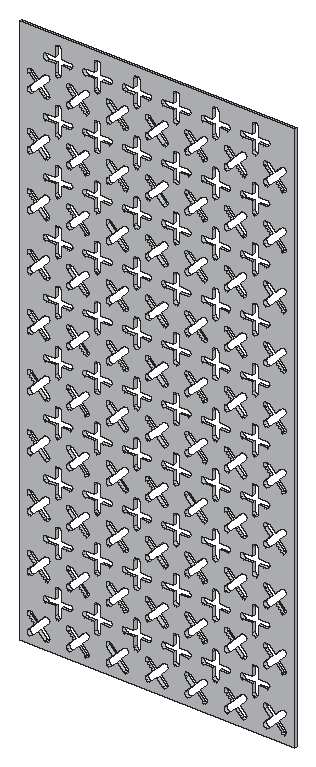
Revit family "J2 PET Felt Room Divider Jacks", category Specialty Equipment, Revit 2022 (continued)
Forms (in)
  Extrusion 1, solid, material <- "Felt Color"
    sketch origin (0, 0, 0) x (1, 0, 0) y (0, 0, 1)
      loop
        arc (-17.4364, 61.41219) -> (-16.8889, 60.8647) -> (-16.3414, 61.41219) r 0.5475
        line (-16.3414, 61.41219) -> (-16.3414, 62.85761) -> (-14.89599, 62.85761)
        arc (-14.89599, 62.85761) -> (-14.34849, 63.40511) -> (-14.89599, 63.9526) r 0.5475
        line (-14.89599, 63.9526) -> (-16.3414, 63.9526) -> (-16.3414, 65.39802)
        arc (-16.3414, 65.39802) -> (-16.8889, 65.94552) -> (-17.4364, 65.39802) r 0.5475
        line (-17.4364, 65.39802) -> (-17.4364, 63.9526) -> (-18.88181, 63.9526)
      loop
        arc (-22.04581, 57.73542) -> (-22.04581, 56.96114) -> (-21.27153, 56.96114) r 0.5475
        line (-21.27153, 56.96114) -> (-20.24947, 57.9832) -> (-19.22741, 56.96114)
        arc (-19.22741, 56.96114) -> (-18.45312, 56.96114) -> (-18.45312, 57.73542) r 0.5475
        line (-18.45312, 57.73542) -> (-19.47519, 58.75748) -> (-18.45312, 59.77954)
        arc (-18.45312, 59.77954) -> (-18.45312, 60.55382) -> (-19.22741, 60.55382) r 0.5475
        line (-19.22741, 60.55382) -> (-20.24947, 59.53176) -> (-21.27153, 60.55382)
        arc (-21.27153, 60.55382) -> (-22.04581, 60.55382) -> (-22.04581, 59.77954) r 0.5475
        line (-22.04581, 59.77954) -> (-21.02375, 58.75748) -> (-22.04581, 57.73542)
      loop
        arc (-12.13181, 63.9526) -> (-12.67931, 63.40511) -> (-12.13181, 62.85761) r 0.5475
        line (-12.13181, 62.85761) -> (-10.6864, 62.85761) -> (-10.6864, 61.41219)
        arc (-10.6864, 61.41219) -> (-10.1389, 60.8647) -> (-9.5914, 61.41219) r 0.5475
        line (-9.5914, 61.41219) -> (-9.5914, 62.85761) -> (-8.14599, 62.85761)
        arc (-8.14599, 62.85761) -> (-7.59849, 63.40511) -> (-8.14599, 63.9526) r 0.5475
        line (-8.14599, 63.9526) -> (-9.5914, 63.9526) -> (-9.5914, 65.39802)
        arc (-9.5914, 65.39802) -> (-10.1389, 65.94552) -> (-10.6864, 65.39802) r 0.5475
        line (-10.6864, 65.39802) -> (-10.6864, 63.9526) -> (-12.13181, 63.9526)
      loop
        arc (-15.29581, 57.73542) -> (-15.29581, 56.96114) -> (-14.52153, 56.96114) r 0.5475
        line (-14.52153, 56.96114) -> (-13.49947, 57.9832) -> (-12.47741, 56.96114)
        arc (-12.47741, 56.96114) -> (-11.70312, 56.96114) -> (-11.70312, 57.73542) r 0.5475
        line (-11.70312, 57.73542) -> (-12.72519, 58.75748) -> (-11.70312, 59.77954)
        arc (-11.70312, 59.77954) -> (-11.70312, 60.55382) -> (-12.47741, 60.55382) r 0.5475
        line (-12.47741, 60.55382) -> (-13.49947, 59.53176) -> (-14.52153, 60.55382)
        arc (-14.52153, 60.55382) -> (-15.29581, 60.55382) -> (-15.29581, 59.77954) r 0.5475
        line (-15.29581, 59.77954) -> (-14.27375, 58.75748) -> (-15.29581, 57.73542)
      loop
        arc (-5.38181, 63.9526) -> (-5.92931, 63.40511) -> (-5.38181, 62.85761) r 0.5475
        line (-5.38181, 62.85761) -> (-3.9364, 62.85761) -> (-3.9364, 61.41219)
        arc (-3.9364, 61.41219) -> (-3.3889, 60.8647) -> (-2.8414, 61.41219) r 0.5475
        line (-2.8414, 61.41219) -> (-2.8414, 62.85761) -> (-1.39599, 62.85761)
        arc (-1.39599, 62.85761) -> (-0.84849, 63.40511) -> (-1.39599, 63.9526) r 0.5475
        line (-1.39599, 63.9526) -> (-2.8414, 63.9526) -> (-2.8414, 65.39802)
        arc (-2.8414, 65.39802) -> (-3.3889, 65.94552) -> (-3.9364, 65.39802) r 0.5475
        line (-3.9364, 65.39802) -> (-3.9364, 63.9526) -> (-5.38181, 63.9526)
      loop
        arc (-8.54581, 57.73542) -> (-8.54581, 56.96114) -> (-7.77153, 56.96114) r 0.5475
        line (-7.77153, 56.96114) -> (-6.74947, 57.9832) -> (-5.72741, 56.96114)
        arc (-5.72741, 56.96114) -> (-4.95312, 56.96114) -> (-4.95312, 57.73542) r 0.5475
        line (-4.95312, 57.73542) -> (-5.97519, 58.75748) -> (-4.95312, 59.77954)
        arc (-4.95312, 59.77954) -> (-4.95312, 60.55382) -> (-5.72741, 60.55382) r 0.5475
        line (-5.72741, 60.55382) -> (-6.74947, 59.53176) -> (-7.77153, 60.55382)
        arc (-7.77153, 60.55382) -> (-8.54581, 60.55382) -> (-8.54581, 59.77954) r 0.5475
        line (-8.54581, 59.77954) -> (-7.52375, 58.75748) -> (-8.54581, 57.73542)
      loop
        arc (1.36819, 63.9526) -> (0.82069, 63.40511) -> (1.36819, 62.85761) r 0.5475
        line (1.36819, 62.85761) -> (2.8136, 62.85761) -> (2.8136, 61.41219)
        arc (2.8136, 61.41219) -> (3.3611, 60.8647) -> (3.9086, 61.41219) r 0.5475
        line (3.9086, 61.41219) -> (3.9086, 62.85761) -> (5.35401, 62.85761)
        arc (5.35401, 62.85761) -> (5.90151, 63.40511) -> (5.35401, 63.9526) r 0.5475
        line (5.35401, 63.9526) -> (3.9086, 63.9526) -> (3.9086, 65.39802)
        arc (3.9086, 65.39802) -> (3.3611, 65.94552) -> (2.8136, 65.39802) r 0.5475
        line (2.8136, 65.39802) -> (2.8136, 63.9526) -> (1.36819, 63.9526)
      loop
        arc (-1.79581, 57.73542) -> (-1.79581, 56.96114) -> (-1.02153, 56.96114) r 0.5475
        line (-1.02153, 56.96114) -> (0.00053, 57.9832) -> (1.02259, 56.96114)
        arc (1.02259, 56.96114) -> (1.79688, 56.96114) -> (1.79688, 57.73542) r 0.5475
        line (1.79688, 57.73542) -> (0.77481, 58.75748) -> (1.79688, 59.77954)
        arc (1.79688, 59.77954) -> (1.79688, 60.55382) -> (1.02259, 60.55382) r 0.5475
        line (1.02259, 60.55382) -> (0.00053, 59.53176) -> (-1.02153, 60.55382)
        arc (-1.02153, 60.55382) -> (-1.79581, 60.55382) -> (-1.79581, 59.77954) r 0.5475
        line (-1.79581, 59.77954) -> (-0.77375, 58.75748) -> (-1.79581, 57.73542)
      loop
        arc (8.11819, 63.9526) -> (7.57069, 63.40511) -> (8.11819, 62.85761) r 0.5475
        line (8.11819, 62.85761) -> (9.5636, 62.85761) -> (9.5636, 61.41219)
        arc (9.5636, 61.41219) -> (10.1111, 60.8647) -> (10.6586, 61.41219) r 0.5475
        line (10.6586, 61.41219) -> (10.6586, 62.85761) -> (12.10401, 62.85761)
        arc (12.10401, 62.85761) -> (12.65151, 63.40511) -> (12.10401, 63.9526) r 0.5475
        line (12.10401, 63.9526) -> (10.6586, 63.9526) -> (10.6586, 65.39802)
        arc (10.6586, 65.39802) -> (10.1111, 65.94552) -> (9.5636, 65.39802) r 0.5475
        line (9.5636, 65.39802) -> (9.5636, 63.9526) -> (8.11819, 63.9526)
      loop
        arc (4.95419, 57.73542) -> (4.95419, 56.96114) -> (5.72847, 56.96114) r 0.5475
        line (5.72847, 56.96114) -> (6.75053, 57.9832) -> (7.77259, 56.96114)
        arc (7.77259, 56.96114) -> (8.54688, 56.96114) -> (8.54688, 57.73542) r 0.5475
        line (8.54688, 57.73542) -> (7.52481, 58.75748) -> (8.54688, 59.77954)
        arc (8.54688, 59.77954) -> (8.54688, 60.55382) -> (7.77259, 60.55382) r 0.5475
        line (7.77259, 60.55382) -> (6.75053, 59.53176) -> (5.72847, 60.55382)
        arc (5.72847, 60.55382) -> (4.95419, 60.55382) -> (4.95419, 59.77954) r 0.5475
        line (4.95419, 59.77954) -> (5.97625, 58.75748) -> (4.95419, 57.73542)
      loop
        arc (14.86819, 63.9526) -> (14.32069, 63.40511) -> (14.86819, 62.85761) r 0.5475
        line (14.86819, 62.85761) -> (16.3136, 62.85761) -> (16.3136, 61.41219)
        arc (16.3136, 61.41219) -> (16.8611, 60.8647) -> (17.4086, 61.41219) r 0.5475
        line (17.4086, 61.41219) -> (17.4086, 62.85761) -> (18.85401, 62.85761)
        arc (18.85401, 62.85761) -> (19.40151, 63.40511) -> (18.85401, 63.9526) r 0.5475
        line (18.85401, 63.9526) -> (17.4086, 63.9526) -> (17.4086, 65.39802)
        arc (17.4086, 65.39802) -> (16.8611, 65.94552) -> (16.3136, 65.39802) r 0.5475
        line (16.3136, 65.39802) -> (16.3136, 63.9526) -> (14.86819, 63.9526)
      loop
        arc (11.70419, 57.73542) -> (11.70419, 56.96114) -> (12.47847, 56.96114) r 0.5475
        line (12.47847, 56.96114) -> (13.50053, 57.9832) -> (14.52259, 56.96114)
        arc (14.52259, 56.96114) -> (15.29688, 56.96114) -> (15.29688, 57.73542) r 0.5475
        line (15.29688, 57.73542) -> (14.27481, 58.75748) -> (15.29688, 59.77954)
        arc (15.29688, 59.77954) -> (15.29688, 60.55382) -> (14.52259, 60.55382) r 0.5475
        line (14.52259, 60.55382) -> (13.50053, 59.53176) -> (12.47847, 60.55382)
        arc (12.47847, 60.55382) -> (11.70419, 60.55382) -> (11.70419, 59.77954) r 0.5475
        line (11.70419, 59.77954) -> (12.72625, 58.75748) -> (11.70419, 57.73542)
      loop
        arc (18.45419, 57.73542) -> (18.45419, 56.96114) -> (19.22847, 56.96114) r 0.5475
        line (19.22847, 56.96114) -> (20.25053, 57.9832) -> (21.27259, 56.96114)
        arc (21.27259, 56.96114) -> (22.04688, 56.96114) -> (22.04688, 57.73542) r 0.5475
        line (22.04688, 57.73542) -> (21.02481, 58.75748) -> (22.04688, 59.77954)
        arc (22.04688, 59.77954) -> (22.04688, 60.55382) -> (21.27259, 60.55382) r 0.5475
        line (21.27259, 60.55382) -> (20.25053, 59.53176) -> (19.22847, 60.55382)
        arc (19.22847, 60.55382) -> (18.45419, 60.55382) -> (18.45419, 59.77954) r 0.5475
        line (18.45419, 59.77954) -> (19.47625, 58.75748) -> (18.45419, 57.73542)
      loop
        arc (-18.88181, 73.2026) -> (-19.42931, 72.65511) -> (-18.88181, 72.10761) r 0.5475
        line (-18.88181, 72.10761) -> (-17.4364, 72.10761) -> (-17.4364, 70.66219)
        arc (-17.4364, 70.66219) -> (-16.8889, 70.1147) -> (-16.3414, 70.66219) r 0.5475
        line (-16.3414, 70.66219) -> (-16.3414, 72.10761) -> (-14.89599, 72.10761)
        arc (-14.89599, 72.10761) -> (-14.34849, 72.65511) -> (-14.89599, 73.2026) r 0.5475
        line (-14.89599, 73.2026) -> (-16.3414, 73.2026) -> (-16.3414, 74.64802)
        arc (-16.3414, 74.64802) -> (-16.8889, 75.19552) -> (-17.4364, 74.64802) r 0.5475
        line (-17.4364, 74.64802) -> (-17.4364, 73.2026) -> (-18.88181, 73.2026)
      loop
        arc (-22.04581, 66.98542) -> (-22.04581, 66.21114) -> (-21.27153, 66.21114) r 0.5475
        line (-21.27153, 66.21114) -> (-20.24947, 67.2332) -> (-19.22741, 66.21114)
        arc (-19.22741, 66.21114) -> (-18.45312, 66.21114) -> (-18.45312, 66.98542) r 0.5475
        line (-18.45312, 66.98542) -> (-19.47519, 68.00748) -> (-18.45312, 69.02954)
        arc (-18.45312, 69.02954) -> (-18.45312, 69.80382) -> (-19.22741, 69.80382) r 0.5475
        line (-19.22741, 69.80382) -> (-20.24947, 68.78176) -> (-21.27153, 69.80382)
        arc (-21.27153, 69.80382) -> (-22.04581, 69.80382) -> (-22.04581, 69.02954) r 0.5475
        line (-22.04581, 69.02954) -> (-21.02375, 68.00748) -> (-22.04581, 66.98542)
      loop
        arc (-12.13181, 73.2026) -> (-12.67931, 72.65511) -> (-12.13181, 72.10761) r 0.5475
        line (-12.13181, 72.10761) -> (-10.6864, 72.10761) -> (-10.6864, 70.66219)
        arc (-10.6864, 70.66219) -> (-10.1389, 70.1147) -> (-9.5914, 70.66219) r 0.5475
        line (-9.5914, 70.66219) -> (-9.5914, 72.10761) -> (-8.14599, 72.10761)
        arc (-8.14599, 72.10761) -> (-7.59849, 72.65511) -> (-8.14599, 73.2026) r 0.5475
        line (-8.14599, 73.2026) -> (-9.5914, 73.2026) -> (-9.5914, 74.64802)
        arc (-9.5914, 74.64802) -> (-10.1389, 75.19552) -> (-10.6864, 74.64802) r 0.5475
        line (-10.6864, 74.64802) -> (-10.6864, 73.2026) -> (-12.13181, 73.2026)
      loop
        arc (-15.29581, 66.98542) -> (-15.29581, 66.21114) -> (-14.52153, 66.21114) r 0.5475
        line (-14.52153, 66.21114) -> (-13.49947, 67.2332) -> (-12.47741, 66.21114)
        arc (-12.47741, 66.21114) -> (-11.70312, 66.21114) -> (-11.70312, 66.98542) r 0.5475
        line (-11.70312, 66.98542) -> (-12.72519, 68.00748) -> (-11.70312, 69.02954)
        arc (-11.70312, 69.02954) -> (-11.70312, 69.80382) -> (-12.47741, 69.80382) r 0.5475
        line (-12.47741, 69.80382) -> (-13.49947, 68.78176) -> (-14.52153, 69.80382)
        arc (-14.52153, 69.80382) -> (-15.29581, 69.80382) -> (-15.29581, 69.02954) r 0.5475
        line (-15.29581, 69.02954) -> (-14.27375, 68.00748) -> (-15.29581, 66.98542)
      loop
        arc (-5.38181, 73.2026) -> (-5.92931, 72.65511) -> (-5.38181, 72.10761) r 0.5475
        line (-5.38181, 72.10761) -> (-3.9364, 72.10761) -> (-3.9364, 70.66219)
        arc (-3.9364, 70.66219) -> (-3.3889, 70.1147) -> (-2.8414, 70.66219) r 0.5475
        line (-2.8414, 70.66219) -> (-2.8414, 72.10761) -> (-1.39599, 72.10761)
        arc (-1.39599, 72.10761) -> (-0.84849, 72.65511) -> (-1.39599, 73.2026) r 0.5475
        line (-1.39599, 73.2026) -> (-2.8414, 73.2026) -> (-2.8414, 74.64802)
        arc (-2.8414, 74.64802) -> (-3.3889, 75.19552) -> (-3.9364, 74.64802) r 0.5475
        line (-3.9364, 74.64802) -> (-3.9364, 73.2026) -> (-5.38181, 73.2026)
      loop
        arc (-8.54581, 66.98542) -> (-8.54581, 66.21114) -> (-7.77153, 66.21114) r 0.5475
        line (-7.77153, 66.21114) -> (-6.74947, 67.2332) -> (-5.72741, 66.21114)
        arc (-5.72741, 66.21114) -> (-4.95312, 66.21114) -> (-4.95312, 66.98542) r 0.5475
        line (-4.95312, 66.98542) -> (-5.97519, 68.00748) -> (-4.95312, 69.02954)
        arc (-4.95312, 69.02954) -> (-4.95312, 69.80382) -> (-5.72741, 69.80382) r 0.5475
        line (-5.72741, 69.80382) -> (-6.74947, 68.78176) -> (-7.77153, 69.80382)
        arc (-7.77153, 69.80382) -> (-8.54581, 69.80382) -> (-8.54581, 69.02954) r 0.5475
        line (-8.54581, 69.02954) -> (-7.52375, 68.00748) -> (-8.54581, 66.98542)
      loop
        arc (1.36819, 73.2026) -> (0.82069, 72.65511) -> (1.36819, 72.10761) r 0.5475
        line (1.36819, 72.10761) -> (2.8136, 72.10761) -> (2.8136, 70.66219)
        arc (2.8136, 70.66219) -> (3.3611, 70.1147) -> (3.9086, 70.66219) r 0.5475
        line (3.9086, 70.66219) -> (3.9086, 72.10761) -> (5.35401, 72.10761)
        arc (5.35401, 72.10761) -> (5.90151, 72.65511) -> (5.35401, 73.2026) r 0.5475
        line (5.35401, 73.2026) -> (3.9086, 73.2026) -> (3.9086, 74.64802)
        arc (3.9086, 74.64802) -> (3.3611, 75.19552) -> (2.8136, 74.64802) r 0.5475
        line (2.8136, 74.64802) -> (2.8136, 73.2026) -> (1.36819, 73.2026)
      loop
        arc (-1.79581, 66.98542) -> (-1.79581, 66.21114) -> (-1.02153, 66.21114) r 0.5475
        line (-1.02153, 66.21114) -> (0.00053, 67.2332) -> (1.02259, 66.21114)
        arc (1.02259, 66.21114) -> (1.79688, 66.21114) -> (1.79688, 66.98542) r 0.5475
        line (1.79688, 66.98542) -> (0.77481, 68.00748) -> (1.79688, 69.02954)
        arc (1.79688, 69.02954) -> (1.79688, 69.80382) -> (1.02259, 69.80382) r 0.5475
        line (1.02259, 69.80382) -> (0.00053, 68.78176) -> (-1.02153, 69.80382)
        arc (-1.02153, 69.80382) -> (-1.79581, 69.80382) -> (-1.79581, 69.02954) r 0.5475
        line (-1.79581, 69.02954) -> (-0.77375, 68.00748) -> (-1.79581, 66.98542)
      loop
        arc (8.11819, 73.2026) -> (7.57069, 72.65511) -> (8.11819, 72.10761) r 0.5475
        line (8.11819, 72.10761) -> (9.5636, 72.10761) -> (9.5636, 70.66219)
        arc (9.5636, 70.66219) -> (10.1111, 70.1147) -> (10.6586, 70.66219) r 0.5475
        line (10.6586, 70.66219) -> (10.6586, 72.10761) -> (12.10401, 72.10761)
        arc (12.10401, 72.10761) -> (12.65151, 72.65511) -> (12.10401, 73.2026) r 0.5475
        line (12.10401, 73.2026) -> (10.6586, 73.2026) -> (10.6586, 74.64802)
        arc (10.6586, 74.64802) -> (10.1111, 75.19552) -> (9.5636, 74.64802) r 0.5475
        line (9.5636, 74.64802) -> (9.5636, 73.2026) -> (8.11819, 73.2026)
      loop
        arc (4.95419, 66.98542) -> (4.95419, 66.21114) -> (5.72847, 66.21114) r 0.5475
        line (5.72847, 66.21114) -> (6.75053, 67.2332) -> (7.77259, 66.21114)
        arc (7.77259, 66.21114) -> (8.54688, 66.21114) -> (8.54688, 66.98542) r 0.5475
        line (8.54688, 66.98542) -> (7.52481, 68.00748) -> (8.54688, 69.02954)
        arc (8.54688, 69.02954) -> (8.54688, 69.80382) -> (7.77259, 69.80382) r 0.5475
        line (7.77259, 69.80382) -> (6.75053, 68.78176) -> (5.72847, 69.80382)
        arc (5.72847, 69.80382) -> (4.95419, 69.80382) -> (4.95419, 69.02954) r 0.5475
        line (4.95419, 69.02954) -> (5.97625, 68.00748) -> (4.95419, 66.98542)
      loop
        arc (14.86819, 73.2026) -> (14.32069, 72.65511) -> (14.86819, 72.10761) r 0.5475
        line (14.86819, 72.10761) -> (16.3136, 72.10761) -> (16.3136, 70.66219)
        arc (16.3136, 70.66219) -> (16.8611, 70.1147) -> (17.4086, 70.66219) r 0.5475
        line (17.4086, 70.66219) -> (17.4086, 72.10761) -> (18.85401, 72.10761)
        arc (18.85401, 72.10761) -> (19.40151, 72.65511) -> (18.85401, 73.2026) r 0.5475
        line (18.85401, 73.2026) -> (17.4086, 73.2026) -> (17.4086, 74.64802)
        arc (17.4086, 74.64802) -> (16.8611, 75.19552) -> (16.3136, 74.64802) r 0.5475
        line (16.3136, 74.64802) -> (16.3136, 73.2026) -> (14.86819, 73.2026)
      loop
        arc (11.70419, 66.98542) -> (11.70419, 66.21114) -> (12.47847, 66.21114) r 0.5475
        line (12.47847, 66.21114) -> (13.50053, 67.2332) -> (14.52259, 66.21114)
        arc (14.52259, 66.21114) -> (15.29688, 66.21114) -> (15.29688, 66.98542) r 0.5475
        line (15.29688, 66.98542) -> (14.27481, 68.00748) -> (15.29688, 69.02954)
        arc (15.29688, 69.02954) -> (15.29688, 69.80382) -> (14.52259, 69.80382) r 0.5475
        line (14.52259, 69.80382) -> (13.50053, 68.78176) -> (12.47847, 69.80382)
        arc (12.47847, 69.80382) -> (11.70419, 69.80382) -> (11.70419, 69.02954) r 0.5475
        line (11.70419, 69.02954) -> (12.72625, 68.00748) -> (11.70419, 66.98542)
      loop
        arc (18.45419, 66.98542) -> (18.45419, 66.21114) -> (19.22847, 66.21114) r 0.5475
        line (19.22847, 66.21114) -> (20.25053, 67.2332) -> (21.27259, 66.21114)
        arc (21.27259, 66.21114) -> (22.04688, 66.21114) -> (22.04688, 66.98542) r 0.5475
        line (22.04688, 66.98542) -> (21.02481, 68.00748) -> (22.04688, 69.02954)
        arc (22.04688, 69.02954) -> (22.04688, 69.80382) -> (21.27259, 69.80382) r 0.5475
        line (21.27259, 69.80382) -> (20.25053, 68.78176) -> (19.22847, 69.80382)
        arc (19.22847, 69.80382) -> (18.45419, 69.80382) -> (18.45419, 69.02954) r 0.5475
        line (18.45419, 69.02954) -> (19.47625, 68.00748) -> (18.45419, 66.98542)
      loop
        arc (-18.88181, 82.4526) -> (-19.42931, 81.90511) -> (-18.88181, 81.35761) r 0.5475
        line (-18.88181, 81.35761) -> (-17.4364, 81.35761) -> (-17.4364, 79.91219)
        arc (-17.4364, 79.91219) -> (-16.8889, 79.3647) -> (-16.3414, 79.91219) r 0.5475
        line (-16.3414, 79.91219) -> (-16.3414, 81.35761) -> (-14.89599, 81.35761)
        arc (-14.89599, 81.35761) -> (-14.34849, 81.90511) -> (-14.89599, 82.4526) r 0.5475
        line (-14.89599, 82.4526) -> (-16.3414, 82.4526) -> (-16.3414, 83.89802)
        arc (-16.3414, 83.89802) -> (-16.8889, 84.44552) -> (-17.4364, 83.89802) r 0.5475
        line (-17.4364, 83.89802) -> (-17.4364, 82.4526) -> (-18.88181, 82.4526)
      loop
        arc (-22.04581, 76.23542) -> (-22.04581, 75.46114) -> (-21.27153, 75.46114) r 0.5475
        line (-21.27153, 75.46114) -> (-20.24947, 76.4832) -> (-19.22741, 75.46114)
        arc (-19.22741, 75.46114) -> (-18.45312, 75.46114) -> (-18.45312, 76.23542) r 0.5475
        line (-18.45312, 76.23542) -> (-19.47519, 77.25748) -> (-18.45312, 78.27954)
        arc (-18.45312, 78.27954) -> (-18.45312, 79.05382) -> (-19.22741, 79.05382) r 0.5475
        line (-19.22741, 79.05382) -> (-20.24947, 78.03176) -> (-21.27153, 79.05382)
        arc (-21.27153, 79.05382) -> (-22.04581, 79.05382) -> (-22.04581, 78.27954) r 0.5475
        line (-22.04581, 78.27954) -> (-21.02375, 77.25748) -> (-22.04581, 76.23542)
      loop
        arc (-12.13181, 82.4526) -> (-12.67931, 81.90511) -> (-12.13181, 81.35761) r 0.5475
        line (-12.13181, 81.35761) -> (-10.6864, 81.35761) -> (-10.6864, 79.91219)
        arc (-10.6864, 79.91219) -> (-10.1389, 79.3647) -> (-9.5914, 79.91219) r 0.5475
        line (-9.5914, 79.91219) -> (-9.5914, 81.35761) -> (-8.14599, 81.35761)
        arc (-8.14599, 81.35761) -> (-7.59849, 81.90511) -> (-8.14599, 82.4526) r 0.5475
        line (-8.14599, 82.4526) -> (-9.5914, 82.4526) -> (-9.5914, 83.89802)
        arc (-9.5914, 83.89802) -> (-10.1389, 84.44552) -> (-10.6864, 83.89802) r 0.5475
        line (-10.6864, 83.89802) -> (-10.6864, 82.4526) -> (-12.13181, 82.4526)
      loop
        arc (-15.29581, 76.23542) -> (-15.29581, 75.46114) -> (-14.52153, 75.46114) r 0.5475
        line (-14.52153, 75.46114) -> (-13.49947, 76.4832) -> (-12.47741, 75.46114)
        arc (-12.47741, 75.46114) -> (-11.70312, 75.46114) -> (-11.70312, 76.23542) r 0.5475
        line (-11.70312, 76.23542) -> (-12.72519, 77.25748) -> (-11.70312, 78.27954)
        arc (-11.70312, 78.27954) -> (-11.70312, 79.05382) -> (-12.47741, 79.05382) r 0.5475
        line (-12.47741, 79.05382) -> (-13.49947, 78.03176) -> (-14.52153, 79.05382)
        arc (-14.52153, 79.05382) -> (-15.29581, 79.05382) -> (-15.29581, 78.27954) r 0.5475
        line (-15.29581, 78.27954) -> (-14.27375, 77.25748) -> (-15.29581, 76.23542)
      loop
        arc (-5.38181, 82.4526) -> (-5.92931, 81.90511) -> (-5.38181, 81.35761) r 0.5475
        line (-5.38181, 81.35761) -> (-3.9364, 81.35761) -> (-3.9364, 79.91219)
        arc (-3.9364, 79.91219) -> (-3.3889, 79.3647) -> (-2.8414, 79.91219) r 0.5475
        line (-2.8414, 79.91219) -> (-2.8414, 81.35761) -> (-1.39599, 81.35761)
        arc (-1.39599, 81.35761) -> (-0.84849, 81.90511) -> (-1.39599, 82.4526) r 0.5475
        line (-1.39599, 82.4526) -> (-2.8414, 82.4526) -> (-2.8414, 83.89802)
        arc (-2.8414, 83.89802) -> (-3.3889, 84.44552) -> (-3.9364, 83.89802) r 0.5475
        line (-3.9364, 83.89802) -> (-3.9364, 82.4526) -> (-5.38181, 82.4526)
      loop
        arc (-8.54581, 76.23542) -> (-8.54581, 75.46114) -> (-7.77153, 75.46114) r 0.5475
        line (-7.77153, 75.46114) -> (-6.74947, 76.4832) -> (-5.72741, 75.46114)
        arc (-5.72741, 75.46114) -> (-4.95312, 75.46114) -> (-4.95312, 76.23542) r 0.5475
        line (-4.95312, 76.23542) -> (-5.97519, 77.25748) -> (-4.95312, 78.27954)
        arc (-4.95312, 78.27954) -> (-4.95312, 79.05382) -> (-5.72741, 79.05382) r 0.5475
        line (-5.72741, 79.05382) -> (-6.74947, 78.03176) -> (-7.77153, 79.05382)
        arc (-7.77153, 79.05382) -> (-8.54581, 79.05382) -> (-8.54581, 78.27954) r 0.5475
        line (-8.54581, 78.27954) -> (-7.52375, 77.25748) -> (-8.54581, 76.23542)
      loop
        arc (1.36819, 82.4526) -> (0.82069, 81.90511) -> (1.36819, 81.35761) r 0.5475
        line (1.36819, 81.35761) -> (2.8136, 81.35761) -> (2.8136, 79.91219)
        arc (2.8136, 79.91219) -> (3.3611, 79.3647) -> (3.9086, 79.91219) r 0.5475
        line (3.9086, 79.91219) -> (3.9086, 81.35761) -> (5.35401, 81.35761)
        arc (5.35401, 81.35761) -> (5.90151, 81.90511) -> (5.35401, 82.4526) r 0.5475
        line (5.35401, 82.4526) -> (3.9086, 82.4526) -> (3.9086, 83.89802)
        arc (3.9086, 83.89802) -> (3.3611, 84.44552) -> (2.8136, 83.89802) r 0.5475
        line (2.8136, 83.89802) -> (2.8136, 82.4526) -> (1.36819, 82.4526)
      loop
        arc (-1.79581, 76.23542) -> (-1.79581, 75.46114) -> (-1.02153, 75.46114) r 0.5475
        line (-1.02153, 75.46114) -> (0.00053, 76.4832) -> (1.02259, 75.46114)
        arc (1.02259, 75.46114) -> (1.79688, 75.46114) -> (1.79688, 76.23542) r 0.5475
        line (1.79688, 76.23542) -> (0.77481, 77.25748) -> (1.79688, 78.27954)
        arc (1.79688, 78.27954) -> (1.79688, 79.05382) -> (1.02259, 79.05382) r 0.5475
        line (1.02259, 79.05382) -> (0.00053, 78.03176) -> (-1.02153, 79.05382)
        arc (-1.02153, 79.05382) -> (-1.79581, 79.05382) -> (-1.79581, 78.27954) r 0.5475
        line (-1.79581, 78.27954) -> (-0.77375, 77.25748) -> (-1.79581, 76.23542)
      loop
        arc (8.11819, 82.4526) -> (7.57069, 81.90511) -> (8.11819, 81.35761) r 0.5475
        line (8.11819, 81.35761) -> (9.5636, 81.35761) -> (9.5636, 79.91219)
        arc (9.5636, 79.91219) -> (10.1111, 79.3647) -> (10.6586, 79.91219) r 0.5475
        line (10.6586, 79.91219) -> (10.6586, 81.35761) -> (12.10401, 81.35761)
        arc (12.10401, 81.35761) -> (12.65151, 81.90511) -> (12.10401, 82.4526) r 0.5475
        line (12.10401, 82.4526) -> (10.6586, 82.4526) -> (10.6586, 83.89802)
        arc (10.6586, 83.89802) -> (10.1111, 84.44552) -> (9.5636, 83.89802) r 0.5475
        line (9.5636, 83.89802) -> (9.5636, 82.4526) -> (8.11819, 82.4526)
      loop
        arc (4.95419, 76.23542) -> (4.95419, 75.46114) -> (5.72847, 75.46114) r 0.5475
        line (5.72847, 75.46114) -> (6.75053, 76.4832) -> (7.77259, 75.46114)
        arc (7.77259, 75.46114) -> (8.54688, 75.46114) -> (8.54688, 76.23542) r 0.5475
        line (8.54688, 76.23542) -> (7.52481, 77.25748) -> (8.54688, 78.27954)
        arc (8.54688, 78.27954) -> (8.54688, 79.05382) -> (7.77259, 79.05382) r 0.5475
        line (7.77259, 79.05382) -> (6.75053, 78.03176) -> (5.72847, 79.05382)
        arc (5.72847, 79.05382) -> (4.95419, 79.05382) -> (4.95419, 78.27954) r 0.5475
        line (4.95419, 78.27954) -> (5.97625, 77.25748) -> (4.95419, 76.23542)
      loop
        arc (14.86819, 82.4526) -> (14.32069, 81.90511) -> (14.86819, 81.35761) r 0.5475
        line (14.86819, 81.35761) -> (16.3136, 81.35761) -> (16.3136, 79.91219)
        arc (16.3136, 79.91219) -> (16.8611, 79.3647) -> (17.4086, 79.91219) r 0.5475
        line (17.4086, 79.91219) -> (17.4086, 81.35761) -> (18.85401, 81.35761)
        arc (18.85401, 81.35761) -> (19.40151, 81.90511) -> (18.85401, 82.4526) r 0.5475
        line (18.85401, 82.4526) -> (17.4086, 82.4526) -> (17.4086, 83.89802)
        arc (17.4086, 83.89802) -> (16.8611, 84.44552) -> (16.3136, 83.89802) r 0.5475
        line (16.3136, 83.89802) -> (16.3136, 82.4526) -> (14.86819, 82.4526)
      loop
        arc (11.70419, 76.23542) -> (11.70419, 75.46114) -> (12.47847, 75.46114) r 0.5475
        line (12.47847, 75.46114) -> (13.50053, 76.4832) -> (14.52259, 75.46114)
        arc (14.52259, 75.46114) -> (15.29688, 75.46114) -> (15.29688, 76.23542) r 0.5475
        line (15.29688, 76.23542) -> (14.27481, 77.25748) -> (15.29688, 78.27954)
        arc (15.29688, 78.27954) -> (15.29688, 79.05382) -> (14.52259, 79.05382) r 0.5475
        line (14.52259, 79.05382) -> (13.50053, 78.03176) -> (12.47847, 79.05382)
        arc (12.47847, 79.05382) -> (11.70419, 79.05382) -> (11.70419, 78.27954) r 0.5475
        line (11.70419, 78.27954) -> (12.72625, 77.25748) -> (11.70419, 76.23542)
      loop
        arc (18.45419, 76.23542) -> (18.45419, 75.46114) -> (19.22847, 75.46114) r 0.5475
        line (19.22847, 75.46114) -> (20.25053, 76.4832) -> (21.27259, 75.46114)
        arc (21.27259, 75.46114) -> (22.04688, 75.46114) -> (22.04688, 76.23542) r 0.5475
        line (22.04688, 76.23542) -> (21.02481, 77.25748) -> (22.04688, 78.27954)
        arc (22.04688, 78.27954) -> (22.04688, 79.05382) -> (21.27259, 79.05382) r 0.5475
        line (21.27259, 79.05382) -> (20.25053, 78.03176) -> (19.22847, 79.05382)
        arc (19.22847, 79.05382) -> (18.45419, 79.05382) -> (18.45419, 78.27954) r 0.5475
        line (18.45419, 78.27954) -> (19.47625, 77.25748) -> (18.45419, 76.23542)
      loop
        arc (-18.88181, 91.7026) -> (-19.42931, 91.15511) -> (-18.88181, 90.60761) r 0.5475
        line (-18.88181, 90.60761) -> (-17.4364, 90.60761) -> (-17.4364, 89.16219)
        arc (-17.4364, 89.16219) -> (-16.8889, 88.6147) -> (-16.3414, 89.16219) r 0.5475
        line (-16.3414, 89.16219) -> (-16.3414, 90.60761) -> (-14.89599, 90.60761)
        arc (-14.89599, 90.60761) -> (-14.34849, 91.15511) -> (-14.89599, 91.7026) r 0.5475
        line (-14.89599, 91.7026) -> (-16.3414, 91.7026) -> (-16.3414, 93.14802)
        arc (-16.3414, 93.14802) -> (-16.8889, 93.69552) -> (-17.4364, 93.14802) r 0.5475
        line (-17.4364, 93.14802) -> (-17.4364, 91.7026) -> (-18.88181, 91.7026)
      loop
        arc (-22.04581, 85.48542) -> (-22.04581, 84.71114) -> (-21.27153, 84.71114) r 0.5475
        line (-21.27153, 84.71114) -> (-20.24947, 85.7332) -> (-19.22741, 84.71114)
        arc (-19.22741, 84.71114) -> (-18.45312, 84.71114) -> (-18.45312, 85.48542) r 0.5475
        line (-18.45312, 85.48542) -> (-19.47519, 86.50748) -> (-18.45312, 87.52954)
        arc (-18.45312, 87.52954) -> (-18.45312, 88.30382) -> (-19.22741, 88.30382) r 0.5475
        line (-19.22741, 88.30382) -> (-20.24947, 87.28176) -> (-21.27153, 88.30382)
        arc (-21.27153, 88.30382) -> (-22.04581, 88.30382) -> (-22.04581, 87.52954) r 0.5475
        line (-22.04581, 87.52954) -> (-21.02375, 86.50748) -> (-22.04581, 85.48542)
      loop
        arc (-12.13181, 91.7026) -> (-12.67931, 91.15511) -> (-12.13181, 90.60761) r 0.5475
        line (-12.13181, 90.60761) -> (-10.6864, 90.60761) -> (-10.6864, 89.16219)
        arc (-10.6864, 89.16219) -> (-10.1389, 88.6147) -> (-9.5914, 89.16219) r 0.5475
        line (-9.5914, 89.16219) -> (-9.5914, 90.60761) -> (-8.14599, 90.60761)
        arc (-8.14599, 90.60761) -> (-7.59849, 91.15511) -> (-8.14599, 91.7026) r 0.5475
        line (-8.14599, 91.7026) -> (-9.5914, 91.7026) -> (-9.5914, 93.14802)
        arc (-9.5914, 93.14802) -> (-10.1389, 93.69552) -> (-10.6864, 93.14802) r 0.5475
        line (-10.6864, 93.14802) -> (-10.6864, 91.7026) -> (-12.13181, 91.7026)
      loop
        arc (-15.29581, 85.48542) -> (-15.29581, 84.71114) -> (-14.52153, 84.71114) r 0.5475
        line (-14.52153, 84.71114) -> (-13.49947, 85.7332) -> (-12.47741, 84.71114)
        arc (-12.47741, 84.71114) -> (-11.70312, 84.71114) -> (-11.70312, 85.48542) r 0.5475
        line (-11.70312, 85.48542) -> (-12.72519, 86.50748) -> (-11.70312, 87.52954)
        arc (-11.70312, 87.52954) -> (-11.70312, 88.30382) -> (-12.47741, 88.30382) r 0.5475
        line (-12.47741, 88.30382) -> (-13.49947, 87.28176) -> (-14.52153, 88.30382)
        arc (-14.52153, 88.30382) -> (-15.29581, 88.30382) -> (-15.29581, 87.52954) r 0.5475
        line (-15.29581, 87.52954) -> (-14.27375, 86.50748) -> (-15.29581, 85.48542)
      loop
        arc (-5.38181, 91.7026) -> (-5.92931, 91.15511) -> (-5.38181, 90.60761) r 0.5475
        line (-5.38181, 90.60761) -> (-3.9364, 90.60761) -> (-3.9364, 89.16219)
        arc (-3.9364, 89.16219) -> (-3.3889, 88.6147) -> (-2.8414, 89.16219) r 0.5475
        line (-2.8414, 89.16219) -> (-2.8414, 90.60761) -> (-1.39599, 90.60761)
        arc (-1.39599, 90.60761) -> (-0.84849, 91.15511) -> (-1.39599, 91.7026) r 0.5475
        line (-1.39599, 91.7026) -> (-2.8414, 91.7026) -> (-2.8414, 93.14802)
        arc (-2.8414, 93.14802) -> (-3.3889, 93.69552) -> (-3.9364, 93.14802) r 0.5475
        line (-3.9364, 93.14802) -> (-3.9364, 91.7026) -> (-5.38181, 91.7026)
      loop
        arc (-8.54581, 85.48542) -> (-8.54581, 84.71114) -> (-7.77153, 84.71114) r 0.5475
        line (-7.77153, 84.71114) -> (-6.74947, 85.7332) -> (-5.72741, 84.71114)
        arc (-5.72741, 84.71114) -> (-4.95312, 84.71114) -> (-4.95312, 85.48542) r 0.5475
        line (-4.95312, 85.48542) -> (-5.97519, 86.50748) -> (-4.95312, 87.52954)
        arc (-4.95312, 87.52954) -> (-4.95312, 88.30382) -> (-5.72741, 88.30382) r 0.5475
        line (-5.72741, 88.30382) -> (-6.74947, 87.28176) -> (-7.77153, 88.30382)
        arc (-7.77153, 88.30382) -> (-8.54581, 88.30382) -> (-8.54581, 87.52954) r 0.5475
        line (-8.54581, 87.52954) -> (-7.52375, 86.50748) -> (-8.54581, 85.48542)
      loop
        arc (1.36819, 91.7026) -> (0.82069, 91.15511) -> (1.36819, 90.60761) r 0.5475
        line (1.36819, 90.60761) -> (2.8136, 90.60761) -> (2.8136, 89.16219)
        arc (2.8136, 89.16219) -> (3.3611, 88.6147) -> (3.9086, 89.16219) r 0.5475
        line (3.9086, 89.16219) -> (3.9086, 90.60761) -> (5.35401, 90.60761)
        arc (5.35401, 90.60761) -> (5.90151, 91.15511) -> (5.35401, 91.7026) r 0.5475
        line (5.35401, 91.7026) -> (3.9086, 91.7026) -> (3.9086, 93.14802)
        arc (3.9086, 93.14802) -> (3.3611, 93.69552) -> (2.8136, 93.14802) r 0.5475
        line (2.8136, 93.14802) -> (2.8136, 91.7026) -> (1.36819, 91.7026)
      loop
        arc (-1.79581, 85.48542) -> (-1.79581, 84.71114) -> (-1.02153, 84.71114) r 0.5475
        line (-1.02153, 84.71114) -> (0.00053, 85.7332) -> (1.02259, 84.71114)
        arc (1.02259, 84.71114) -> (1.79688, 84.71114) -> (1.79688, 85.48542) r 0.5475
        line (1.79688, 85.48542) -> (0.77481, 86.50748) -> (1.79688, 87.52954)
        arc (1.79688, 87.52954) -> (1.79688, 88.30382) -> (1.02259, 88.30382) r 0.5475
        line (1.02259, 88.30382) -> (0.00053, 87.28176) -> (-1.02153, 88.30382)
        arc (-1.02153, 88.30382) -> (-1.79581, 88.30382) -> (-1.79581, 87.52954) r 0.5475
        line (-1.79581, 87.52954) -> (-0.77375, 86.50748) -> (-1.79581, 85.48542)
      loop
        arc (8.11819, 91.7026) -> (7.57069, 91.15511) -> (8.11819, 90.60761) r 0.5475
        line (8.11819, 90.60761) -> (9.5636, 90.60761) -> (9.5636, 89.16219)
        arc (9.5636, 89.16219) -> (10.1111, 88.6147) -> (10.6586, 89.16219) r 0.5475
        line (10.6586, 89.16219) -> (10.6586, 90.60761) -> (12.10401, 90.60761)
        arc (12.10401, 90.60761) -> (12.65151, 91.15511) -> (12.10401, 91.7026) r 0.5475
        line (12.10401, 91.7026) -> (10.6586, 91.7026) -> (10.6586, 93.14802)
        arc (10.6586, 93.14802) -> (10.1111, 93.69552) -> (9.5636, 93.14802) r 0.5475
        line (9.5636, 93.14802) -> (9.5636, 91.7026) -> (8.11819, 91.7026)
      loop
        arc (4.95419, 85.48542) -> (4.95419, 84.71114) -> (5.72847, 84.71114) r 0.5475
        line (5.72847, 84.71114) -> (6.75053, 85.7332) -> (7.77259, 84.71114)
        arc (7.77259, 84.71114) -> (8.54688, 84.71114) -> (8.54688, 85.48542) r 0.5475
        line (8.54688, 85.48542) -> (7.52481, 86.50748) -> (8.54688, 87.52954)
        arc (8.54688, 87.52954) -> (8.54688, 88.30382) -> (7.77259, 88.30382) r 0.5475
        line (7.77259, 88.30382) -> (6.75053, 87.28176) -> (5.72847, 88.30382)
        arc (5.72847, 88.30382) -> (4.95419, 88.30382) -> (4.95419, 87.52954) r 0.5475
        line (4.95419, 87.52954) -> (5.97625, 86.50748) -> (4.95419, 85.48542)
      loop
        arc (14.86819, 91.7026) -> (14.32069, 91.15511) -> (14.86819, 90.60761) r 0.5475
        line (14.86819, 90.60761) -> (16.3136, 90.60761) -> (16.3136, 89.16219)
        arc (16.3136, 89.16219) -> (16.8611, 88.6147) -> (17.4086, 89.16219) r 0.5475
        line (17.4086, 89.16219) -> (17.4086, 90.60761) -> (18.85401, 90.60761)
        arc (18.85401, 90.60761) -> (19.40151, 91.15511) -> (18.85401, 91.7026) r 0.5475
        line (18.85401, 91.7026) -> (17.4086, 91.7026) -> (17.4086, 93.14802)
        arc (17.4086, 93.14802) -> (16.8611, 93.69552) -> (16.3136, 93.14802) r 0.5475
        line (16.3136, 93.14802) -> (16.3136, 91.7026) -> (14.86819, 91.7026)
      loop
        arc (11.70419, 85.48542) -> (11.70419, 84.71114) -> (12.47847, 84.71114) r 0.5475
        line (12.47847, 84.71114) -> (13.50053, 85.7332) -> (14.52259, 84.71114)
        arc (14.52259, 84.71114) -> (15.29688, 84.71114) -> (15.29688, 85.48542) r 0.5475
        line (15.29688, 85.48542) -> (14.27481, 86.50748) -> (15.29688, 87.52954)
        arc (15.29688, 87.52954) -> (15.29688, 88.30382) -> (14.52259, 88.30382) r 0.5475
        line (14.52259, 88.30382) -> (13.50053, 87.28176) -> (12.47847, 88.30382)
        arc (12.47847, 88.30382) -> (11.70419, 88.30382) -> (11.70419, 87.52954) r 0.5475
        line (11.70419, 87.52954) -> (12.72625, 86.50748) -> (11.70419, 85.48542)
      loop
        arc (18.45419, 85.48542) -> (18.45419, 84.71114) -> (19.22847, 84.71114) r 0.5475
        line (19.22847, 84.71114) -> (20.25053, 85.7332) -> (21.27259, 84.71114)
        arc (21.27259, 84.71114) -> (22.04688, 84.71114) -> (22.04688, 85.48542) r 0.5475
        line (22.04688, 85.48542) -> (21.02481, 86.50748) -> (22.04688, 87.52954)
        arc (22.04688, 87.52954) -> (22.04688, 88.30382) -> (21.27259, 88.30382) r 0.5475
        line (21.27259, 88.30382) -> (20.25053, 87.28176) -> (19.22847, 88.30382)
        arc (19.22847, 88.30382) -> (18.45419, 88.30382) -> (18.45419, 87.52954) r 0.5475
        line (18.45419, 87.52954) -> (19.47625, 86.50748) -> (18.45419, 85.48542)
    from 0.25 to -0.25
Dimensions and locks (in)
  aligned and locked: level to plane 2
